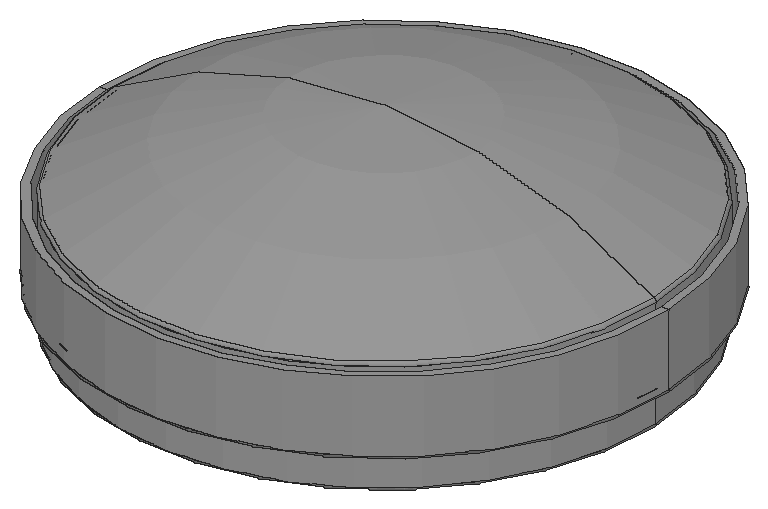
Revit family "3034773 Sylvania Lighting Fixture GIOTTO305 LED G2 3000K SURFACE DALI ", category Lighting Fixtures, host Face, Revit 2016
Family settings
  Host = Face
  Part Type = Normal
  Round Connector Dimension = Use Diameter
  OmniClass Number = 23.80.70.00
  OmniClass Title = Lighting
  Cut with Voids When Loaded = No
  Light Source = Yes
  Shared = No
  Room Calculation Point = No
Parameters (values of type "3034773 GIOTTO305 LED G2 3000K SURFACE DALI ")
  Weight = "1.11 kg"
  Wattage Comments = ""
  Wattage = 19 W
  WarrantyStartDate [instance] = "n/a"
  WarrantyGuarantorParts = "n/a"
  WarrantyDurationUnit = "n/a"
  WarrantyDurationParts = "n/a"
  WarrantyDescription = "n/a"
  built-in parameter 1150110 = 1 (stored number, unit not read)
  Voltage = 0 V
  URL = "http://www.sylvania-lighting.com"
  TypeName = "GIOTTO305 LED G2 3000K SURFACE DALI"
  Type Image = <None>
  Type Comments = "n/a"
  built-in parameter 1114217 = 1 (stored number, unit not read)
  Tilt Angle = -90.00°
  built-in parameter 1150109 = 1 (stored number, unit not read)
  built-in parameter 1150134 = (empty or 0)
  built-in parameter 1150113 = 1 (stored number, unit not read)
  SerialNumber [instance] = "n/a"
  Photometric Web File = "3034773.ies"
  Material_3_SYL = LED-Sylvania
  PowerFactor = 0
  PowerConsumption = "19 W"
  NominalLength = 305 mm
  NominalHeight = 104 mm
  NominalDepth = 305 mm
  Name = "GIOTTO305 LED G2 3000K SURFACE DALI"
  ModelReference = Name  # "GIOTTO305 LED G2 3000K SURFACE DALI"
  ModelNumber = "3034773"
  Model = Name  # "GIOTTO305 LED G2 3000K SURFACE DALI"
  Material = "polycarbonate housing, polycarbonate diffuser"
  ManufacturerName = "Feilo Sylvania"
  Manufacturer = "Feilo Sylvania"
  LuminousEfficacy = "78 lm/W"
  built-in parameter 1150105 = 117.93 (stored number, unit not read)
  Lumens = 1482 lm
  LuminaireType = ""
  built-in parameter 1150115 = 1 (stored number, unit not read)
  LightOutputRatio = "n/a"
  built-in parameter 1150137 = (empty or 0)
  built-in parameter 1150139 = (empty or 0)
  LampsType = Lamp  # "LED"
  LampNominalLuminous = "1491 lm"
  LampMacAdamStep = "n/a"
  LampColourTemperature = "3000 K"
  LampColourRenderingIndex = "80"
  built-in parameter 1150112 = 1 (stored number, unit not read)
  built-in parameter 1150114 = 1 (stored number, unit not read)
  Lamp = "LED"
  Keynote = "16500"
  InstallationDate [instance] = "n/a"
  InputVoltage = "n/a"
  InputNominalFrequency = "n/a"
  built-in parameter 1150132 = (empty or 0)
  built-in parameter 1150102 = (empty or 0)
  built-in parameter 1150107 = 3000 (stored number, unit not read)
  built-in parameter 1150138 = (empty or 0)
  IngressProtection = "IP44"
  ImpactProtectionIndex = "IK10"
  built-in parameter 1150106 = 1.1793 (stored number, unit not read)
  IfcExportType = "IfcLightFixtureType"
  IfcExportAs = "IfcLightFixtureType"
  Height_SYL = 104 mm
  ExpectedLife = 50000
  Emit from Circle Diameter = 317 mm
  Emit Shape Visible in Rendering = no
  ElectricShockClassification = "Class I"
  built-in parameter 1150104 = 7.2464 (stored number, unit not read)
  DurationUnit = "hours"
  DocumentationLiterature = "http://www.sylvania-lighting.com/product/en-int/products/3034773"
  DimmingControlOptions = "n/a"
  Material_2_SYL = Polycarbonate_Sylvania_Giotto_Opal
  Dimming Lamp Color Temperature Shift = <None>
  DiffuserRadius_SYL = 282.611 mm
  Diameter_SYL = 305 mm
  Description = "Ambient and decorative round, surface mounted LED bulkhead luminaire. White robust polycarbonate body with opal diffuser, 1491 lm, 19W, 78lm/W, 3000K, CRI 80, DALI, 50,000 hours lumen maintenance. Drive current: 700mA, IP44, IK10, Class I, 220-240V, Energy class: A++, A+, A."
  Default Elevation = 1219.2 mm
  CreatedOn = "11/7/2018"
  CreatedBy = "@sylvania-lighting.com"
  Cost = 0
  Color Filter = 16777215
  built-in parameter 1114216 [instance] = (empty or 0)
  ClassificationValue = "EF_70_80"
  ClassificationName = "Uniclass2015"
  Material_1_SYL = Polycarbonate_Sylvania_Giotto_White
  BarCode [instance] = "n/a"
  built-in parameter 1114218 = 1 (stored number, unit not read)
  built-in parameter 1150133 = 10 (stored number, unit not read)
  AssetType = "Fixed"
  AssetIdentifier [instance] = "n/a"
  Assembly Code = "D5020200"
  Apparent Load = 19 VA
  Material_4_SYL = none
Reference planes
  plane 1 "Center (Front/Back)": y = 0
  plane 2: z = 0
  plane 3 "Center (Left/Right)": x = 0
  plane 4: x = 152.5
  plane 5: x = -152.5
  plane 6: x = -145.5
  plane 7: x = -148.5
  plane 8: z = 104
  plane 9: z = 59
  plane 10: z = 19
  plane 11: z = 24
  plane 12: x = -150.9
  plane 13: z = 20.6
  plane 14: z = 1.6
  plane 15: x = -143.9
  plane 16: z = 18
  plane 17: x = -146.5
  plane 18: z = 25
  plane 19: z = 61
Forms (mm)
  Revolve 1, solid, material "Polycarbonate_Sylvania_Giotto_White" <- "Material_1_SYL"
    sketch origin (0, 0, 0) x (1, 0, 0) y (0, 0, 1)
      loop
        line (0, 0) -> (0, 25) -> (-143.9, 25) -> (-143.9, 24) -> (-148.5, 24) -> (-148.5, 59) -> (-152.5, 59) -> (-152.5, 20.6)
        arc (-152.5, 20.6) -> (-152.031, 19.469) -> (-150.9, 19) r 1.6
        line (-150.9, 19) -> (-146.5, 19)
        arc (-146.5, 19) -> (-145.793, 18.707) -> (-145.5, 18) r 1
        line (-145.5, 18) -> (-145.5, 1.6)
        arc (-145.5, 1.6) -> (-145.031, 0.469) -> (-143.9, 0) r 1.6
        line (-143.9, 0) -> (0, 0)
      axis (0, 59) -> (0, 0)
    angle from 360 to 0
  Revolve 2, solid, material "Polycarbonate_Sylvania_Giotto_Opal" <- "Material_2_SYL"
    sketch origin (0, 0, 0) x (1, 0, 0) y (0, 0, 1)
      loop
        line (-145.5, 24) -> (-143.9, 24) -> (-143.9, 59.636)
        arc (-143.9, 59.636) -> (-143.79, 60.068) -> (-143.485, 60.394) r 0.9
        arc (-143.485, 60.394) -> (-74.754, 91.683) -> (0, 102.4) r 266.066
        line (0, 102.4) -> (0, 104)
        arc (0, 104) -> (-75.203, 93.218) -> (-144.348, 61.742) r 267.666
        arc (-144.348, 61.742) -> (-145.193, 60.836) -> (-145.5, 59.636) r 2.5
        line (-145.5, 59.636) -> (-145.5, 24)
      axis (0, 104) -> (0, 24)
    angle from 360 to 0
Dimensions and locks
  equal spacing: plane 4, plane 3 "Center (Left/Right)", plane 5
  "Diameter_SYL": plane 4 to plane 5
  locked: plane 6 to plane 5 at 7
  locked: plane 7 to plane 5 at 4
  "Height_SYL": plane 8 to plane 2
  locked: plane 8 to plane 9 at 45
  locked: plane 9 to plane 10 at 40
  Revolve 1 sketch curve to Revolve 1 sketch curve = 4.4 mm
  locked: plane 11 to plane 10 at 5
  locked: plane 12 to plane 5 at 1.6
  locked: plane 13 to plane 10 at 1.6
  locked: plane 14 to plane 2 at 1.6
  locked: plane 15 to plane 6 at 1.6
  locked: plane 6 to plane 17 at 1
  locked: plane 10 to plane 16 at 1
  locked: plane 18 to plane 11 at 1
  locked: plane 19 to plane 9 at 2
  aligned and locked: plane 2 to host face
  aligned and locked: level to host face
  aligned and locked: Revolve 1 sketch curve to plane 3 "Center (Left/Right)"
  aligned and locked: level to Revolve 1 sketch curve
  aligned and locked: Revolve 1 sketch curve to plane 10
  aligned and locked: plane 9 to Revolve 1 sketch curve
  aligned and locked: Revolve 1 sketch curve to plane 7
  aligned and locked: plane 12 to Revolve 1 sketch curve  (x2)
  aligned and locked: plane 13 to Revolve 1 sketch curve  (x2)
  aligned and locked: plane 15 to Revolve 1 sketch curve  (x3)
  aligned and locked: plane 14 to Revolve 1 sketch curve  (x2)
  aligned and locked: plane 3 "Center (Left/Right)" to imposter light
  aligned and locked: imposter light to plane 1 "Center (Front/Back)"
  aligned and locked: plane 18 to Revolve 1 sketch curve
  aligned and locked: plane 11 to Revolve 1 sketch curve
  aligned and locked: imposter light to plane 8
  aligned and locked: plane 6 to Revolve 1 sketch curve
  aligned and locked: plane 17 to Revolve 1 sketch curve
  aligned and locked: plane 16 to Revolve 1 sketch curve
  aligned and locked: Revolve 2 sketch curve to plane 3 "Center (Left/Right)"
  aligned and locked: plane 6 to Revolve 2 sketch curve
  aligned and locked: plane 3 "Center (Left/Right)" to Revolve 2 sketch curve
  aligned and locked: plane 11 to Revolve 2 sketch curve
  aligned and locked: Revolve 2 sketch curve to imposter light
Automatic sketch dimensions
  host sketch curve to host sketch curve = 2438.4 mm  (x2)
  Revolve 1 sketch curve to plane 3 "Center (Left/Right)" = 0 mm
  Revolve 1 sketch curve to level = 609.6 mm
  Revolve 1 sketch curve to plane 8 = 2499.058 mm
  Revolve 2 sketch curve to Revolve 2 sketch curve = 0 mm  (x4)
  Revolve 2 sketch curve to plane 15 = 0 mm
  Revolve 2 sketch curve to plane 8 = 0 mm
  plane 15 to Revolve 2 sketch curve = 0.9 mm
  Revolve 2 sketch curve to level = 163.666 mm
  Revolve 2 sketch curve to plane 9 = 0.636 mm
  Revolve 2 sketch curve to Revolve 2 sketch curve = 445.934 mm
  Revolve 2 sketch curve to plane 8 = 2505.058 mm
Connectors
  electrical at (0, 0, 0), driven by "Apparent Load", driven by "PowerFactor", driven by "Voltage"
    settings: index 1, voltage 0 V, apparent load 19 VA, apparent load phase1 0 VA, apparent load phase2 0 VA, apparent load phase3 0 VA, power factor 0, load classification "Lighting", number of poles 1, system type 30, power factor state 1, is connector primary yes, connector utility no, sub classification motor no, connector description ""
